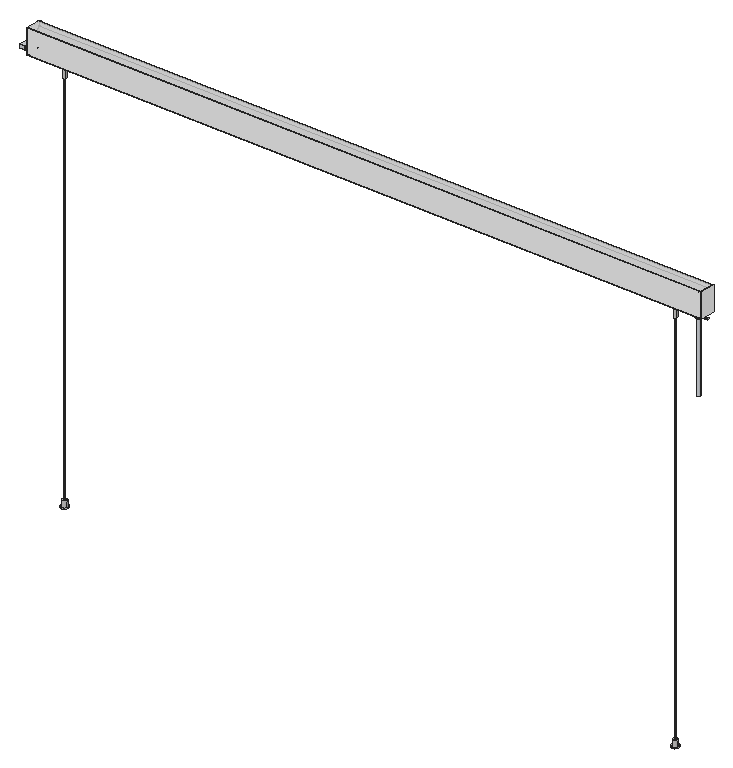
Revit family "2071464", category Lighting Fixtures, host Face, Revit 2022
Family settings
  Host = Face
  Round Connector Dimension = Use Diameter
  Part Type = Normal
  OmniClass Number = 23.80.70.00
  OmniClass Title = Lighting
  Cut with Voids When Loaded = No
  Light Source = Yes
  Maintain Annotation Orientation = No
  Shared = No
  Room Calculation Point = No
Parameters (values of type "MC2 D/I KIT 2.4M 4K DALI WHT PRIS")
  Weight = "6.5 kg"
  Wattage Comments = ""
  Wattage = 58 W
  WarrantyStartDate [instance] = "n/a"
  WarrantyGuarantorParts = "n/a"
  WarrantyDurationUnit = "Years"
  WarrantyDurationParts = "5"
  WarrantyDescription = "http://www.sylvania-group.com"
  built-in parameter 1150110 = 1 (stored number, unit not read)
  Voltage = 230 V
  URL = "http://www.sylvania-group.com"
  TypeName = "Mini Continuum II - Direct/Indirect - Suspended Kit"
  Type Image = <None>
  Type Comments = "n/a"
  built-in parameter 1114217 = 1 (stored number, unit not read)
  Tilt Angle = -90.00°
  built-in parameter 1150109 = 1 (stored number, unit not read)
  built-in parameter 1150134 = 12
  SuspensionDistance2 = if(NominalLength = 1200 mm, 82 mm, if(NominalLength = 2400 mm, 112 mm, 112 mm))  # 112 mm
  SuspensionDistance1 = if(NominalLength = 1200 mm, 62 mm, if(NominalLength = 2400 mm, 112 mm, 112 mm))  # 112 mm
  built-in parameter 1150113 = 1 (stored number, unit not read)
  SerialNumber [instance] = "n/a"
  Photometric Web File = "2071464.ies"
  PendantMin = 50 mm  # constant formula
  PendantMax = 3000 mm  # constant formula
  PendantLength [instance] = if(MountingHeight < PendantMin, PendantMin, if(MountingHeight > PendantMax, PendantMax, MountingHeight))  # 1500 mm
  MountingHeight [instance] = 1500 mm
  Material_3_SYL = Metal_Sylvania_Mini Contiuum II_Silver
  PowerFactor = 0.95
  PowerConsumption = "58 W"
  NominalLength = 2400 mm
  NominalHeight = 86 mm
  NominalDepth = 54 mm
  Name = "MC2 D/I KIT 2.4M 4K DALI WHT PRIS"
  ModelReference = Name  # "MC2 D/I KIT 2.4M 4K DALI WHT PRIS"
  ModelNumber = "2071464"
  Model = Name  # "MC2 D/I KIT 2.4M 4K DALI WHT PRIS"
  Material = "Aluminium"
  ManufacturerName = Manufacturer  # "Feilo Sylvania"
  Manufacturer = "Feilo Sylvania"
  LuminousEfficacy = "133 lm/W"
  built-in parameter 1150105 = 613.86 (stored number, unit not read)
  Lumens = 7714 lm
  LuminaireType = "Suspended"
  built-in parameter 1150115 = 1 (stored number, unit not read)
  LightOutputRatio = "100"
  built-in parameter 1150137 = (empty or 0)
  built-in parameter 1150139 = (empty or 0)
  LampsType = Lamp  # "LED"
  LampNominalLuminous = "7700 lm"
  LampMacAdamStep = "3"
  LampColourTemperature = "4000 K"
  LampColourRenderingIndex = "80"
  built-in parameter 1150112 = 1 (stored number, unit not read)
  built-in parameter 1150114 = 1 (stored number, unit not read)
  Lamp = "LED"
  Keynote = "16500"
  InstallationDate [instance] = "n/a"
  InputVoltage = "220-240 V"
  InputNominalFrequency = "50/60Hz"
  built-in parameter 1150132 = (empty or 0)
  built-in parameter 1150102 = (empty or 0)
  built-in parameter 1150107 = 4000 (stored number, unit not read)
  built-in parameter 1150138 = (empty or 0)
  IngressProtection = "IP20"
  ImpactProtectionIndex = "IK03"
  built-in parameter 1150106 = 6.1386 (stored number, unit not read)
  IfcExportType = "IfcLightFixtureType"
  IfcExportAs = "IfcLightFixtureType"
  Emit from Rectangle Width = NominalDepth  # 54 mm
  Emit from Rectangle Length = NominalLength  # 2400 mm
  Emit Shape Visible in Rendering = no
  EmergencyLight = no
  ElectricShockClassification = "Class I"
  built-in parameter 1150104 = 12.356 (stored number, unit not read)
  DocumentationLiterature = "https://www.sylvania-lighting.com/product/en-int/products/2071464/"
  DimmingControlOptions = "DALI"
  Material_2_SYL = Polycarbonate_Sylvania_Mini Continuum II_Prismatic_4000K
  Dimming Lamp Color Temperature Shift = <None>
  Description = "MC2-KIT D/I 2.4M 4K DALI WHT PRIS LED luminaire, white RAL9016 finishing, direct/indirect distribution (65/35), suspended kit version is pre-wired and supplied complete with end caps and suspension cables, compact and minimalist design based on the Golden Mean, ideal for offices, meeting rooms, corridors, education facilities, museums and libraries, extruded aluminium body, diffuser: micro prismatic, colour temperature: 4000K neutral white, total system power: 58W, total fixture output: 7700lm, luminaire efficacy: 133m/W, LOR: 100%, colour rendering: Ra >80, LED Chromacity: 3 step MacAdam ellipse, lifespan: 66,000 hours L90B10, IR/UV free light source without heat radiation, operating voltage: 220-240V / 50-60Hz, drive current: (Direct) 800mA + (Indirect) 350mA, electronic driver, DALI dimmable, direct/indirect independently addressable, electrical protection: CLASS I, IP20, suitable for internal environment only."
  Default Elevation = 1219.2 mm
  CreatedOn = "08/08/2024"
  CreatedBy = "petra.pavlicz@sylvania-lighting.com"
  Cost = 0
  Color Filter = 16777215
  built-in parameter 1114216 [instance] = (empty or 0)
  ClassificationValue = "EF_70_80"
  ClassificationName = "Uniclass2015"
  Material_1_SYL = Metal_Sylvania_Mini Continuum II_White
  BarCode [instance] = "n/a"
  built-in parameter 1114218 = 1 (stored number, unit not read)
  built-in parameter 1150133 = 10 (stored number, unit not read)
  AssetType = "Fixed"
  AssetIdentifier [instance] = "n/a"
  Assembly Code = "D5020200"
  Apparent Load = 61.1 VA
  Material_4_SYL = none
Reference planes
  plane 1 "Center (Front/Back)": y = 0
  plane 2: z = 0
  plane 3 "Center (Left/Right)": x = 0
  plane 4: y = 27
  plane 5: y = -27
  plane 6: x = -1200
  plane 7: x = 1200
  plane 8 "Fixture top": z = 1414
  plane 9 "Fixture bottom": z = 1500
  plane 10: z = 1487
  plane 11: x = 1172
  plane 12: x = -1172
  plane 13: x = 1202
  plane 14: x = -1202
  plane 15: x = 1197
  plane 16: x = -1197
  plane 17: x = -1228
  plane 18: x = 1088
  plane 19: x = -1088
Forms (mm)
  Extrusion 1, solid, material "Metal_Sylvania_Mini Continuum II_White" <- "Material_1_SYL", detail levels coarse
    sketch origin (0, 0, 0) x (1, 0, 0) y (0, 1, 0)
      loop
        line (1200, 27) -> (1200, -27) -> (1202, -27) -> (1202, 27) -> (1200, 27)
    from 1414 to 1500
  Extrusion 2, solid, material "Polycarbonate_Sylvania_Mini Continuum II_Prismatic_4000K" <- "Material_2_SYL"
    sketch origin (-4.8, 0, 305.049) x (0, 1, 0) y (0, 0, 1)
      loop
        line (22.233, 1181.951) -> (21.206, 1181.951) -> (14.206, 1151.951) -> (-14.206, 1151.951) -> (-21.206, 1181.951) -> (-22.233, 1181.951) -> (-15, 1150.951) -> (15, 1150.951) -> (22.233, 1181.951)
    from -1192.2 to 1201.8
  Extrusion 3, solid, material "Metal_Sylvania_Mini Continuum II_White" <- "Material_1_SYL"
    sketch origin (0, 0, 0) x (1, 0, 0) y (0, 1, 0)
      loop
        line (-1202, 27) -> (-1202, -27) -> (-1200, -27) -> (-1200, 27) -> (-1202, 27)
    from 1414 to 1500
  Extrusion 4, solid, material "Metal_Sylvania_Mini Continuum II_White" <- "Material_1_SYL", detail levels coarse
    sketch origin (0, 0, 0) x (-1, 0, 0) y (0, -1, 0)
      loop
        line (-1200, -27) -> (1200, -27) -> (1200, 27) -> (-1200, 27) -> (-1200, -27)
    from 1414 to 1500
  Extrusion 5, solid, material "Metal_Sylvania_Mini Continuum II_White" <- "Material_1_SYL", detail levels medium+fine
    sketch origin (2400, 0, 0) x (0, 1, 0) y (0, 0, -1)
      loop
        line (-25.5, -1500) -> (-25.5, -1416.509)
        arc (-25.5, -1416.509) -> (-25.351, -1416.149) -> (-24.991, -1416) r 0.509
        line (-24.991, -1416) -> (-13.539, -1416)
        arc (-13.539, -1416) -> (-13.158, -1416.158) -> (-13, -1416.539) r 0.539
        line (-13, -1416.539) -> (-13, -1421.159)
        arc (-13, -1421.159) -> (-12.842, -1421.542) -> (-12.459, -1421.7) r 0.541
        line (-12.459, -1421.7) -> (12.459, -1421.7)
        arc (12.459, -1421.7) -> (12.842, -1421.542) -> (13, -1421.159) r 0.541
        line (13, -1421.159) -> (13, -1416.539)
        arc (13, -1416.539) -> (13.158, -1416.158) -> (13.539, -1416) r 0.539
        line (13.539, -1416) -> (24.991, -1416)
        arc (24.991, -1416) -> (25.351, -1416.149) -> (25.5, -1416.509) r 0.509
        line (25.5, -1416.509) -> (25.5, -1500) -> (27, -1500) -> (27, -1414.5)
        arc (27, -1414.5) -> (26.854, -1414.146) -> (26.5, -1414) r 0.5
        line (26.5, -1414) -> (11.52, -1414)
        arc (11.52, -1414) -> (11.152, -1414.152) -> (11, -1414.52) r 0.52
        line (11, -1414.52) -> (11, -1419.17)
        arc (11, -1419.17) -> (10.845, -1419.545) -> (10.47, -1419.7) r 0.53
        line (10.47, -1419.7) -> (-10.47, -1419.7)
        arc (-10.47, -1419.7) -> (-10.845, -1419.545) -> (-11, -1419.17) r 0.53
        line (-11, -1419.17) -> (-11, -1414.52)
        arc (-11, -1414.52) -> (-11.152, -1414.152) -> (-11.52, -1414) r 0.52
        line (-11.52, -1414) -> (-26.5, -1414)
        arc (-26.5, -1414) -> (-26.854, -1414.146) -> (-27, -1414.5) r 0.5
        line (-27, -1414.5) -> (-27, -1500) -> (-25.5, -1500)
    from 3600 to 1200
  Extrusion 6, solid, material "Polycarbonate_Sylvania_Mini Continuum II_Prismatic_4000K" <- "Material_2_SYL"
    sketch origin (0, 0, 0) x (0, 1, 0) y (0, 0, 1)
      loop
        line (-25, 1500) -> (-25, 1498) -> (25, 1498) -> (25, 1500) -> (-25, 1500)
    from -1200 to 1200
  Extrusion 7, solid, material "Metal_Sylvania_Mini Continuum II_White" <- "Material_1_SYL", detail levels medium+fine
    sketch origin (0, 0, 0) x (0, 1, 0) y (0, 0, 1)
      loop
        arc (-26.5, 1500) -> (-26.854, 1499.854) -> (-27, 1499.5) r 0.5
        line (-27, 1499.5) -> (-27, 1414.537)
        arc (-27, 1414.537) -> (-26.843, 1414.157) -> (-26.463, 1414) r 0.537
        line (-26.463, 1414) -> (26.496, 1414)
        arc (26.496, 1414) -> (26.852, 1414.148) -> (27, 1414.504) r 0.504
        line (27, 1414.504) -> (27, 1499.459)
        arc (27, 1499.459) -> (26.841, 1499.841) -> (26.459, 1500) r 0.541
        line (26.459, 1500) -> (-26.5, 1500)
    from 1200 to 1202
  Extrusion 8, solid, material "Metal_Sylvania_Mini Continuum II_White" <- "Material_1_SYL"
    sketch origin (0, 0, 0) x (0, 1, 0) y (0, 0, -1)
      loop
        line (-26.5, -1500) -> (26.459, -1500)
        arc (26.459, -1500) -> (26.841, -1499.841) -> (27, -1499.459) r 0.541
        line (27, -1499.459) -> (27, -1414.504)
        arc (27, -1414.504) -> (26.852, -1414.148) -> (26.496, -1414) r 0.504
        line (26.496, -1414) -> (-26.463, -1414)
        arc (-26.463, -1414) -> (-26.843, -1414.157) -> (-27, -1414.537) r 0.537
        line (-27, -1414.537) -> (-27, -1499.5)
        arc (-27, -1499.5) -> (-26.854, -1499.854) -> (-26.5, -1500) r 0.5
    from 1200 to 1202
  Extrusion 9, solid
    sketch origin (384.076, 1524, 1219.2) x (0, 1, 0) y (0, 0, 1)
      loop
        line (-1514.443, 219.65) -> (-1547.043, 219.65) -> (-1547.043, 205.15) -> (-1514.443, 205.15) -> (-1514.443, 219.65)
    from -1594.076 to -1586.076
  Extrusion 10, solid
    sketch origin (319, 1524, 1219.2) x (0, 1, 0) y (0, 0, 1)
      loop
        line (-1514.743, 217.15) -> (-1546.743, 217.15) -> (-1546.743, 205.15) -> (-1514.743, 205.15) -> (-1514.743, 217.15)
    from -1547 to -1529
  Extrusion 11, solid, material "Metal_Sylvania_Mini Contiuum II_Silver" <- "Material_3_SYL"
    sketch origin (8.599, 0, 0) x (1, 0, 0) y (0, 1, 0)
      loop
        circle (1079.401, 0) r 5.5
    from 1369.343 to 1414
  Extrusion 12, solid, material "Metal_Sylvania_Mini Contiuum II_Silver" <- "Material_3_SYL"
    sketch origin (0, 0, 0) x (1, 0, 0) y (0, 1, 0)
      loop
        circle (1088, 0) r 1
    from 21.5 to 1369.343
  Extrusion 13, solid, material "Metal_Sylvania_Mini Contiuum II_Silver" <- "Material_3_SYL"
    sketch origin (0, 0, 0) x (1, 0, 0) y (0, 1, 0)
      loop
        circle (1088, 0) r 8
    from 1.5 to 21.5
  Extrusion 14, solid, material "Metal_Sylvania_Mini Contiuum II_Silver" <- "Material_3_SYL"
    sketch origin (0, 0, 0) x (1, 0, 0) y (0, 1, 0)
      loop
        circle (1088, 0) r 12.5
    from 0 to 1.5
  Extrusion 15, solid, material "Metal_Sylvania_Mini Contiuum II_Silver" <- "Material_3_SYL"
    sketch origin (-2167.401, 0, 0) x (1, 0, 0) y (0, 1, 0)
      loop
        circle (1079.401, 0) r 5.5
    from 1369.343 to 1414
  Extrusion 16, solid, material "Metal_Sylvania_Mini Contiuum II_Silver" <- "Material_3_SYL"
    sketch origin (-2176, 0, 0) x (1, 0, 0) y (0, 1, 0)
      loop
        circle (1088, 0) r 1
    from 21.5 to 1369.343
  Extrusion 17, solid, material "Metal_Sylvania_Mini Contiuum II_Silver" <- "Material_3_SYL"
    sketch origin (-2176, 0, 0) x (1, 0, 0) y (0, 1, 0)
      loop
        circle (1088, 0) r 8
    from 1.5 to 21.5
  Extrusion 18, solid, material "Metal_Sylvania_Mini Contiuum II_Silver" <- "Material_3_SYL"
    sketch origin (-2176, 0, 0) x (1, 0, 0) y (0, 1, 0)
      loop
        circle (1088, 0) r 12.5
    from 0 to 1.5
  Extrusion 19, solid
    sketch origin (0, 0, 0) x (1, 0, 0) y (0, 1, 0)
      loop
        circle (1172, 0) r 11.5
    from 1400 to 1414
  Extrusion 20, void
    sketch origin (0, 0, 0) x (1, 0, 0) y (0, 1, 0)
      loop
        circle (1088, 0) r 2.5
    from -18.368 to 21
  Extrusion 21, void
    sketch origin (0, 0, 0) x (-1, 0, 0) y (0, -1, 0)
      loop
        circle (1088, 0) r 2.5
    from -18.881 to 21
  Extrusion 22, void
    sketch origin (0, 0, 0) x (1, 0, 0) y (0, 1, 0)
      loop
        circle (1172, 0) r 8
    from 1400 to 1414
  Extrusion 23, solid
    sketch origin (0, 0, 331.135) x (1, 0, 0) y (0, 1, 0)
      loop
        circle (1172, 0) r 5
    from 817.865 to 1082.865
  Extrusion 24, solid
    sketch origin (0, 0, 0) x (1, 0, 0) y (0, 1, 0)
      loop
        line (1160, 6.75) -> (1160, -6.75) -> (1184, -6.75) -> (1184, 6.75) -> (1160, 6.75)
    from 1402 to 1410
  Extrusion 25, solid
    sketch origin (0, 0, 0) x (1, 0, 0) y (0, 1, 0)
      loop
        line (1184, -1.75) -> (1204, -1.75) -> (1204, 1.75) -> (1184, 1.75) -> (1184, -1.75)
    from 1402 to 1405.5
Cuts and joins
  Extrusion 20 cuts Extrusion 12
  Extrusion 20, Extrusion 21 cuts Extrusion 13
  Extrusion 20, Extrusion 21 cuts Extrusion 14
  Extrusion 21 cuts Extrusion 18
  Extrusion 21 cuts Extrusion 17
  Extrusion 22 cuts Extrusion 19
Dimensions and locks
  "NominalLength": plane 6 to plane 7
  equal spacing: plane 6, plane 3 "Center (Left/Right)", plane 7
  "NominalHeight": plane 9 "Fixture bottom" to plane 8 "Fixture top"
  equal spacing: plane 4, plane 1 "Center (Front/Back)", plane 5
  "NominalDepth": plane 4 to plane 5
  locked: imposter light to plane 10 at 13
  locked: plane 6 to plane 12 at 28
  locked: plane 11 to plane 7 at 28
  plane 13 to Extrusion 3 = 2404 mm
  plane 14 to Extrusion 2 = 5 mm
  locked: Extrusion 3 to Extrusion 5 sketch curve at 1.5
  locked: Extrusion 5 sketch curve to Extrusion 3 at 1.5
  locked: Extrusion 5 sketch curve to Extrusion 5 sketch curve at 2  (x3)
  locked: Extrusion 5 sketch curve to Extrusion 5 sketch curve at 5.7
  Extrusion 5 sketch curve to Extrusion 5 sketch curve to Extrusion 3 = 22 mm locked, 16 mm locked
  locked: Extrusion 6 sketch curve to Extrusion 6 sketch curve at 2
  locked: Extrusion 6 sketch curve to Extrusion 6 sketch curve at 50
  locked: plane 7 to plane 13 at 2
  locked: plane 14 to plane 6 at 2
  locked: plane 15 to plane 7 at 3
  locked: plane 6 to plane 16 at 3
  locked: Extrusion 9 to plane 14 at 8
  locked: Extrusion 9 sketch curve to Extrusion 9 sketch curve at 32.6
  locked: Extrusion 9 sketch curve to Extrusion 9 sketch curve at 14.5
  locked: Extrusion 9 sketch curve to Extrusion 8 at 3.957
  locked: Extrusion 8 to Extrusion 9 sketch curve at 61.15
  locked: Extrusion 10 sketch curve to Extrusion 10 sketch curve at 32
  locked: Extrusion 10 sketch curve to Extrusion 10 sketch curve at 12
  locked: plane 14 to plane 17 at 26
  "SuspensionDistance2": plane 18 to plane 7
  "SuspensionDistance1": plane 6 to plane 19
  locked: Extrusion 11 to Extrusion 11 at 44.657
  Extrusion 12 to Extrusion 12 = 1347.843 mm
  locked: Extrusion 13 to Extrusion 13 at 20
  locked: Extrusion 14 to Extrusion 14 at 1.5
  locked: Extrusion 15 to Extrusion 15 at 44.657
  Extrusion 16 to Extrusion 16 = 1347.843 mm
  locked: Extrusion 17 to Extrusion 17 at 20
  locked: Extrusion 18 to Extrusion 18 at 1.5
  locked: plane 9 "Fixture bottom" to plane 10 at 13
  "PendantLength": plane 9 "Fixture bottom" to level
  locked: Extrusion 21 to level at 21
  locked: Extrusion 19 to Extrusion 19 at 14
  locked: Extrusion 24 sketch curve to Extrusion 24 sketch curve at 13.5
  locked: Extrusion 24 sketch curve to Extrusion 24 sketch curve at 24
  locked: Extrusion 24 to Extrusion 25 sketch curve at 20
  locked: Extrusion 25 sketch curve to Extrusion 25 sketch curve at 3.5
  locked: Extrusion 24 to Extrusion 24 at 8
  locked: Extrusion 25 to Extrusion 25 at 3.5
  locked: plane 8 "Fixture top" to Extrusion 24 at 12
  locked: Extrusion 23 to Extrusion 23 at 265
  diameter of Extrusion 11 sketch curve = 11 mm
  diameter of Extrusion 12 sketch curve = 2 mm
  diameter of Extrusion 13 sketch curve = 16 mm
  diameter of Extrusion 14 sketch curve = 25 mm
  diameter of Extrusion 15 sketch curve = 11 mm
  diameter of Extrusion 16 sketch curve = 2 mm
  diameter of Extrusion 17 sketch curve = 16 mm
  diameter of Extrusion 18 sketch curve = 25 mm
  diameter of Extrusion 19 sketch curve = 23 mm
  diameter of Extrusion 20 sketch curve = 5 mm
  diameter of Extrusion 21 sketch curve = 5 mm
  diameter of Extrusion 22 sketch curve = 16 mm
  diameter of Extrusion 23 sketch curve = 10 mm
  aligned and locked: plane 2 to host face
  aligned and locked: level to host face
  aligned and locked: plane 9 "Fixture bottom" to imposter light
  aligned and locked: plane 10 to Extrusion 2  (x2)
  aligned and locked: Extrusion 3 sketch curve to plane 4
  aligned and locked: plane 5 to Extrusion 3 sketch curve
  aligned and locked: plane 4 to Extrusion 4
  aligned and locked: Extrusion 4 to plane 5
  aligned and locked: plane 9 "Fixture bottom" to Extrusion 4
  aligned and locked: Extrusion 4 to plane 8 "Fixture top"
  aligned and locked: Extrusion 5 to plane 6
  aligned and locked: Extrusion 5 to plane 7
  aligned and locked: plane 6 to Extrusion 5
  aligned and locked: plane 7 to Extrusion 6
  aligned and locked: Extrusion 6 to plane 6
  aligned and locked: Extrusion 1 to plane 7
  aligned and locked: plane 13 to Extrusion 1
  aligned and locked: plane 6 to Extrusion 3
  aligned and locked: Extrusion 3 to plane 14
  aligned and locked: Extrusion 4 to plane 6
  aligned and locked: plane 7 to Extrusion 4
  aligned and locked: Extrusion 7 sketch curve to plane 9 "Fixture bottom"
  aligned and locked: plane 8 "Fixture top" to Extrusion 7 sketch curve
  aligned and locked: Extrusion 7 sketch curve to plane 4
  aligned and locked: plane 5 to Extrusion 7 sketch curve
  aligned and locked: plane 13 to Extrusion 7
  aligned and locked: Extrusion 7 to plane 7
  aligned and locked: plane 6 to Extrusion 8
  aligned and locked: Extrusion 8 to plane 14
  aligned and locked: Extrusion 2 to plane 16
  aligned and locked: Extrusion 2 to plane 15
  aligned and locked: Extrusion 9 to plane 14
  aligned and locked: Extrusion 10 sketch curve to Extrusion 9
  aligned and locked: Extrusion 9 to Extrusion 10
  aligned and locked: Extrusion 10 to plane 17
  aligned and locked: plane 8 "Fixture top" to Extrusion 11
  aligned and locked: plane 18 to Extrusion 11 sketch curve
  aligned and locked: plane 1 "Center (Front/Back)" to Extrusion 11 sketch curve
  aligned and locked: plane 18 to Extrusion 12 sketch curve
  aligned and locked: plane 1 "Center (Front/Back)" to Extrusion 12 sketch curve
  aligned and locked: Extrusion 12 to Extrusion 11
  aligned and locked: plane 18 to Extrusion 13 sketch curve
  aligned and locked: plane 1 "Center (Front/Back)" to Extrusion 13 sketch curve
  aligned and locked: Extrusion 13 to Extrusion 12
  aligned and locked: plane 18 to Extrusion 14 sketch curve
  aligned and locked: plane 1 "Center (Front/Back)" to Extrusion 14 sketch curve
  aligned and locked: Extrusion 14 to Extrusion 13
  aligned and locked: Extrusion 14 to level
  aligned and locked: Extrusion 16 to Extrusion 15
  aligned and locked: Extrusion 17 to Extrusion 16
  aligned and locked: Extrusion 18 to Extrusion 17
  aligned and locked: plane 19 to Extrusion 18 sketch curve
  aligned and locked: plane 1 "Center (Front/Back)" to Extrusion 18 sketch curve
  aligned and locked: plane 19 to Extrusion 17 sketch curve
  aligned and locked: plane 1 "Center (Front/Back)" to Extrusion 17 sketch curve
  aligned and locked: plane 19 to Extrusion 15 sketch curve
  aligned and locked: plane 1 "Center (Front/Back)" to Extrusion 15 sketch curve
  aligned and locked: plane 19 to Extrusion 16 sketch curve
  aligned and locked: plane 1 "Center (Front/Back)" to Extrusion 16 sketch curve
  aligned and locked: Extrusion 3 to plane 9 "Fixture bottom"
  aligned and locked: Extrusion 3 to plane 8 "Fixture top"
  aligned and locked: Extrusion 1 to plane 9 "Fixture bottom"
  aligned and locked: Extrusion 1 to plane 8 "Fixture top"
  aligned and locked: Extrusion 18 to level
  aligned and locked: plane 8 "Fixture top" to Extrusion 15
  aligned and locked: plane 11 to Extrusion 19 sketch curve
  aligned and locked: plane 1 "Center (Front/Back)" to Extrusion 19 sketch curve
  aligned and locked: plane 18 to Extrusion 20 sketch curve
  aligned and locked: plane 1 "Center (Front/Back)" to Extrusion 20 sketch curve
  aligned and locked: plane 19 to Extrusion 21 sketch curve
  aligned and locked: plane 1 "Center (Front/Back)" to Extrusion 21 sketch curve
  aligned and locked: plane 11 to Extrusion 22 sketch curve
  aligned and locked: plane 1 "Center (Front/Back)" to Extrusion 22 sketch curve
  aligned and locked: plane 8 "Fixture top" to Extrusion 19
  aligned and locked: plane 8 "Fixture top" to Extrusion 22
  aligned and locked: Extrusion 19 to Extrusion 22
  aligned and locked: plane 11 to Extrusion 23 sketch curve
  aligned and locked: plane 1 "Center (Front/Back)" to Extrusion 23 sketch curve
  aligned and locked: plane 8 "Fixture top" to Extrusion 23
  aligned and locked: Extrusion 25 sketch curve to Extrusion 24
  aligned and locked: Extrusion 24 to Extrusion 25
Automatic sketch dimensions
  host sketch curve to host sketch curve = 2438.4 mm  (x2)
  Extrusion 24 sketch curve to plane 11 = 12 mm
  plane 1 "Center (Front/Back)" to Extrusion 24 sketch curve = 6.75 mm
  Extrusion 25 sketch curve to plane 1 "Center (Front/Back)" = 1.75 mm
  Extrusion 1 sketch curve to plane 5 = 0 mm
  Extrusion 1 sketch curve to plane 7 = 0 mm
  Extrusion 1 sketch curve to plane 13 = 0 mm
  Extrusion 1 sketch curve to plane 4 = 0 mm
  Extrusion 2 sketch curve to plane 10 = 0 mm  (x2)
  plane 5 to Extrusion 2 sketch curve = 4.767 mm
  Extrusion 2 sketch curve to Extrusion 2 sketch curve = 1.027 mm  (x2)
  plane 5 to Extrusion 2 sketch curve = 12 mm
  Extrusion 2 sketch curve to Extrusion 2 sketch curve = 0.794 mm  (x2)
  Extrusion 2 sketch curve to plane 4 = 12.794 mm
  Extrusion 2 sketch curve to plane 4 = 5.794 mm
  Extrusion 2 sketch curve to plane 10 = 30 mm
  Extrusion 2 sketch curve to Extrusion 2 sketch curve = 1 mm
  Extrusion 3 sketch curve to plane 14 = 0 mm
  Extrusion 3 sketch curve to plane 6 = 0 mm
  Extrusion 4 sketch curve to plane 5 = 0 mm
  Extrusion 4 sketch curve to plane 7 = 0 mm
  Extrusion 4 sketch curve to plane 6 = 0 mm
  Extrusion 4 sketch curve to plane 4 = 0 mm
  Extrusion 5 sketch curve to plane 5 = 0 mm
  Extrusion 5 sketch curve to plane 8 "Fixture top" = 0 mm  (x2)
  Extrusion 5 sketch curve to plane 4 = 0 mm
  Extrusion 5 sketch curve to plane 9 "Fixture bottom" = 0 mm  (x2)
  plane 5 to Extrusion 5 sketch curve = 0.5 mm
  Extrusion 5 sketch curve to Extrusion 5 sketch curve = 0.509 mm  (x2)
  Extrusion 5 sketch curve to Extrusion 5 sketch curve = 2.539 mm
  Extrusion 5 sketch curve to Extrusion 5 sketch curve = 0.539 mm  (x2)
  Extrusion 5 sketch curve to Extrusion 5 sketch curve = 0.541 mm
  plane 8 "Fixture top" to Extrusion 5 sketch curve = 0.52 mm
  Extrusion 5 sketch curve to Extrusion 5 sketch curve = 0.53 mm  (x2)
  Extrusion 5 sketch curve to Extrusion 5 sketch curve = 0.52 mm
  Extrusion 5 sketch curve to Extrusion 5 sketch curve = 1.989 mm
  Extrusion 5 sketch curve to Extrusion 5 sketch curve = 1.48 mm
  Extrusion 5 sketch curve to Extrusion 5 sketch curve = 0.5 mm
  Extrusion 6 sketch curve to plane 9 "Fixture bottom" = 0 mm
  plane 5 to Extrusion 6 sketch curve = 2 mm
  Extrusion 7 sketch curve to Extrusion 7 sketch curve = 0.5 mm
  Extrusion 7 sketch curve to Extrusion 7 sketch curve = 0.537 mm
  Extrusion 7 sketch curve to plane 4 = 0.541 mm
  Extrusion 7 sketch curve to plane 4 = 0.504 mm
  Extrusion 8 sketch curve to plane 5 = 0 mm
  Extrusion 8 sketch curve to plane 9 "Fixture bottom" = 0 mm
  Extrusion 8 sketch curve to plane 8 "Fixture top" = 0 mm
  Extrusion 8 sketch curve to plane 4 = 0 mm
  plane 5 to Extrusion 8 sketch curve = 0.5 mm
  Extrusion 8 sketch curve to Extrusion 8 sketch curve = 0.537 mm
  Extrusion 8 sketch curve to plane 4 = 0.541 mm
  Extrusion 8 sketch curve to plane 4 = 0.504 mm
  plane 5 to Extrusion 10 sketch curve = 4.257 mm
  radius of Extrusion 21 sketch curve = 2.5 mm
Connectors
  electrical at (-1228, -6.743, 1430.35), driven by "Voltage", driven by "Apparent Load", driven by "PowerFactor"
    settings: on Extrusion 10, index 1, voltage 230 V, apparent load 61.1 VA, apparent load phase1 0 VA, apparent load phase2 0 VA, apparent load phase3 0 VA, power factor 0.95, load classification "Lighting", number of poles 1, system type 30, power factor state 1, is connector primary yes, connector utility no, sub classification motor no, connector description ""
